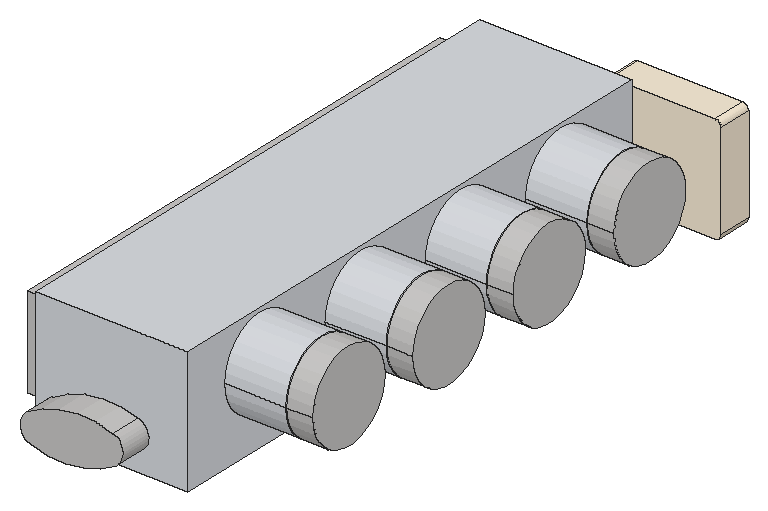
Revit family "HVAC_Ductwork_Airzone_Motorized-Plenum_Mitsubishi-Electric_Low-Profile_4-Dampers", category Mechanical Equipment, Revit 2016
Family settings
  Part Type = Normal
  Round Connector Dimension = Use Diameter
  OmniClass Number = 23.75.70.14
  OmniClass Title = Air Ductwork
  Work Plane-Based = No
  Always vertical = Yes
  Cut with Voids When Loaded = No
  Shared = No
  Room Calculation Point = No
Parameters (values of type "MELSL01M4")
  Voltage = 230 V
  URL = "www.airzone.es"
  Type Image Comments = "Image available in product documentation download"  # constant formula
  Revit Model Version = "1.0"  # constant formula
  Revit Model Author URL = "www.a3d.es"
  Revit Model Author = "A3D Consulting"  # constant formula
  Product Documentation Download URL = "http://doc.airzone.es/BIM/Easyzone/Mitsubishi_Electric-Airzone_motorized_plenum.zip"
  Product Comments = "Refer to technical documentation for further details"  # constant formula
  Power Factor = 1
  Neck Width = 863.600 mm
  Neck Length = 40.000 mm
  Neck Height = 153.600 mm
  Material = Metal - AIRZONE - Galvanized Sheet - Semi-polished
  Main Control Board Material = Plastic - AIRZONE - Smooth - Off-white
  Load Classification = Other
  Insulated Body Width = 255.000 mm  # constant formula
  Insulated Body Material = Metal -AIRZONE - Insulating Lining -Aluminum Finish
  Insulated Body Length = 930.000 mm  # constant formula
  Insulated Body Height = 210.000 mm  # constant formula
  Flow [instance] = Damper 4 Air Flow + Damper 3 Air Flow + Damper 2 Air Flow + Damper 1 Air Flow - Fresh Air Inlet 2 Flow - Fresh Air Inlet 1 Flow  # 1200 m³/h
  Fresh Air Inlet 1 Flow [instance] = 0 m³/h
  Fresh Air Inlet 2 Flow [instance] = 0 m³/h
  Fresh Air Inlet Connection Width = 175.000 mm
  Fresh Air Inlet Connection Height = 75.000 mm
  Model = "MEISL01M4"
  Neck Side Offset = 33.200 mm
  Neck Bottom Offset = 30.200 mm
  Type Image = <None>
  Manufacturer = "AIRZONE"  # constant formula
  Main Control Board Depth = 57.000 mm  # constant formula
  Main Control Board Width = 195.000 mm  # constant formula
  Main Control Board Height = 180.000 mm  # constant formula
  Fixing = ""
  Disclaimer = "All information provided in this model is reviewed before being published. However, Airzone cannot guarantee this model is error-free, therefore users are strongly encouraged to check for technical documentation and updates"  # constant formula
  Description = "Airzone low profile motorized plenum with neck that mechanically adapts to the main ducted AC units of Mitsubishi Electric."
  Type Comments = ""
  Dampers Length = 149.000 mm  # constant formula
  Dampers Diameter = 150.000 mm  # constant formula
  Damper 4 Air Flow [instance] = 300 m³/h
  Damper 1 Air Flow [instance] = 300 m³/h
  Damper 2 Air Flow [instance] = 300 m³/h
  Damper 3 Air Flow [instance] = 300 m³/h
  Fresh Air Inlet Connection Offset Height = 48.305 mm  # constant formula
  Compatible Accesories = ""
  Apparent Load = 57.5 VA
Reference planes
  plane 1 "Center (Front/Back)": y = 0
  plane 2 "Center (Elevation)": z = 0
  plane 3 "Center (Left/Right)": x = 0
  plane 4 "Neck Back": y = 431.8
  plane 5 "Neck Front": y = -431.8
  plane 6 "Neck Top": z = 76.8
  plane 7 "Neck Bottom": z = -76.8
  plane 8 "Left": x = 40
  plane 9 "Bottom": z = -107
  plane 10 "Top": z = 103
  plane 11 "Front": y = -465
  plane 12 "Back": y = 465
  plane 13 "Right": x = 295
  plane 14 "Dampers Front": x = 444
  plane 15 "Dampers Center (Elevation)": z = 23
  plane 16 "Damper3": y = -105
  plane 17 "Damper2": y = 105
  plane 18 "Damper1": y = 315
  plane 19 "Middle": y = 0
  plane 20 "FreshAir Center (Elevation)": z = -58.695
  plane 21 "FreshAir1": y = 517.5
  plane 22 "FreshAir2": y = -517.5
  plane 23 "Dampers Lining": x = 399
  plane 24 "FreshAir Vertical Axis": x = 142.04
  plane 25 "ConnectionBox Side": x = 249
  plane 26 "Main Control Board Center (Left/Right)": x = 346.5
  plane 27 "Damper4": y = -315
Forms (mm)
  Extrusion 1, solid, material "Metal - AIRZONE - Galvanized Sheet - Semi-polished" <- "Material"
    sketch origin (0, 0, 0) x (0, 1, 0) y (0, 0, 1)
      loop
        line (-431.8, 76.8) -> (-431.8, -76.8) -> (431.8, -76.8) -> (431.8, 76.8) -> (-431.8, 76.8)
    from 0 to 40
  Extrusion 2, solid, material "Metal -AIRZONE - Insulating Lining -Aluminum Finish" <- "Insulated Body Material"
    sketch origin (40, 0, 0) x (0, 1, 0) y (0, 0, 1)
      loop
        line (-465, 103) -> (-465, -107) -> (465, -107) -> (465, 103) -> (-465, 103)
    from 0 to 255
  Extrusion 3, solid, material "Metal - AIRZONE - Galvanized Sheet - Semi-polished" <- "Material"
    sketch origin (295, 0, 0) x (0, 1, 0) y (0, 0, 1)
      loop
        circle (-105, 23) r 75
    from 104 to 149
  Extrusion 4, solid, material "Metal - AIRZONE - Galvanized Sheet - Semi-polished" <- "Material"
    sketch origin (295, 0, 0) x (0, 1, 0) y (0, 0, 1)
      loop
        circle (105, 23) r 75
    from 104 to 149
  Extrusion 5, solid, material "Metal - AIRZONE - Galvanized Sheet - Semi-polished" <- "Material"
    sketch origin (295, 0, 0) x (0, 1, 0) y (0, 0, 1)
      loop
        circle (315, 23) r 75
    from 104 to 149
  Extrusion 6, solid, material "Metal - AIRZONE - Galvanized Sheet - Semi-polished" <- "Material"
    sketch origin (0, -465, 0) x (0, 0, 1) y (1, 0, 0)
      loop
        arc (-26.141, 211.414) -> (-47.608, 228.315) -> (-72.312, 216.644) r 25.96
        arc (-72.312, 216.644) -> (-98.302, 146.808) -> (-90.849, 72.666) r 164.67
        arc (-90.849, 72.666) -> (-69.665, 55.799) -> (-44.994, 66.961) r 25.96
        arc (-44.994, 66.961) -> (-18.725, 136.99) -> (-26.141, 211.414) r 164.67
    from 0 to -52.5
  Extrusion 7, solid, material "Metal - AIRZONE - Galvanized Sheet - Semi-polished" <- "Material"
    sketch origin (0, 465, 0) x (0, 0, 1) y (1, 0, 0)
      loop
        arc (-26.141, 211.414) -> (-47.325, 228.281) -> (-71.996, 217.119) r 25.96
        arc (-71.996, 217.119) -> (-98.179, 147.74) -> (-91.267, 73.909) r 164.67
        arc (-91.267, 73.909) -> (-70.032, 55.847) -> (-44.678, 67.436) r 25.96
        arc (-44.678, 67.436) -> (-18.688, 137.272) -> (-26.141, 211.414) r 164.67
    from 0 to 52.5
  Extrusion 8, solid, material "Metal -AIRZONE - Insulating Lining -Aluminum Finish" <- "Insulated Body Material"
    sketch origin (295, 0, 0) x (0, 1, 0) y (0, 0, 1)
      loop
        circle (315, 23) r 75
    from 0 to 104
  Extrusion 9, solid, material "Metal -AIRZONE - Insulating Lining -Aluminum Finish" <- "Insulated Body Material"
    sketch origin (295, -260, 0) x (0, 1, 0) y (0, 0, 1)
      loop
        circle (365, 23) r 75
    from 0 to 104
  Extrusion 10, solid, material "Metal -AIRZONE - Insulating Lining -Aluminum Finish" <- "Insulated Body Material"
    sketch origin (295, -520, 0) x (0, 1, 0) y (0, 0, 1)
      loop
        circle (415, 23) r 75
    from 0 to 104
  Extrusion 11, solid, material "Metal - AIRZONE - Galvanized Sheet - Semi-polished" <- "Material"
    sketch origin (295, -190, 0) x (0, 1, 0) y (0, 0, 1)
      loop
        circle (-125, 23) r 75
    from 104 to 149
  Extrusion 12, solid, material "Metal -AIRZONE - Insulating Lining -Aluminum Finish" <- "Insulated Body Material"
    sketch origin (295, -710, 0) x (0, 1, 0) y (0, 0, 1)
      loop
        circle (395, 23) r 75
    from 0 to 104
Lines and regions (mm)
  Masking region 1
    outline origin (0, 0, 0) x (1, 0, 0) y (0, 1, 0)
      loop
        line (40, 465) -> (40, -465) -> (295, -465) -> (295, 465) -> (40, 465)
  Masking region 2, detail levels medium+fine
    outline origin (0, 0, 0) x (1, 0, 0) y (0, 1, 0)
      loop
        line (0, 431.8) -> (0, -431.8) -> (40, -431.8) -> (40, 431.8) -> (0, 431.8)
  Masking region 3, detail levels medium+fine
    outline origin (0, 0, 0) x (1, 0, 0) y (0, 1, 0)
      loop
        line (295, -30) -> (295, -180) -> (444, -180) -> (444, -30) -> (295, -30)
  Masking region 4, detail levels medium+fine
    outline origin (0, 260, 0) x (1, 0, 0) y (0, 1, 0)
      loop
        line (295, -80) -> (295, -230) -> (444, -230) -> (444, -80) -> (295, -80)
  Masking region 5, detail levels medium+fine
    outline origin (0, 520, 0) x (1, 0, 0) y (0, 1, 0)
      loop
        line (295, -130) -> (295, -280) -> (444, -280) -> (444, -130) -> (295, -130)
  Masking region 6, detail levels medium+fine
    outline origin (0, 0, -58.695) x (1, 0, 0) y (0, 1, 0)
      loop
        line (54.54, 517.5) -> (54.54, 465) -> (229.54, 465) -> (229.54, 517.5) -> (54.54, 517.5)
  Masking region 7, detail levels medium+fine
    outline origin (0, 0, -58.695) x (1, 0, 0) y (0, 1, 0)
      loop
        line (54.54, -465) -> (54.54, -517.5) -> (229.54, -517.5) -> (229.54, -465) -> (54.54, -465)
  Masking region 8, detail levels medium+fine
    outline origin (0, 0, 103) x (0, -1, 0) y (1, 0, 0)
      loop
        line (-522, 249) -> (-465, 249) -> (-465, 444) -> (-522, 444) -> (-522, 249)
  Masking region 9, detail levels medium+fine
    outline origin (0, -190, 0) x (1, 0, 0) y (0, 1, 0)
      loop
        line (295, -50) -> (295, -200) -> (444, -200) -> (444, -50) -> (295, -50)
  symbolic lines, detail levels coarse
    curve 1: line (40, -465, 0) -> (295, 0, 0)
    curve 2: line (295, 0, 0) -> (40, 465, 0)
Dimensions and locks
  equal spacing: plane 4 "Neck Back", plane 1 "Center (Front/Back)", plane 5 "Neck Front"
  "Neck Width": plane 4 "Neck Back" to plane 5 "Neck Front"
  equal spacing: plane 6 "Neck Top", level, plane 7 "Neck Bottom"
  "Neck Height": plane 6 "Neck Top" to plane 7 "Neck Bottom"
  "Neck Length": plane 3 "Center (Left/Right)" to plane 8 "Left"
  "Neck Bottom Offset": plane 7 "Neck Bottom" to plane 9 "Bottom"
  "Insulated Body Height": plane 10 "Top" to plane 9 "Bottom"
  "Insulated Body Length": plane 12 "Back" to plane 11 "Front"
  "Insulated Body Width": plane 8 "Left" to plane 13 "Right"
  "Dampers Length": plane 13 "Right" to plane 14 "Dampers Front"
  equal spacing: plane 12 "Back", plane 19 "Middle", plane 11 "Front"
  plane 8 "Left" to plane 13 "Right" = 255.000 mm
  "Fresh Air Inlet Connection Offset Height": plane 20 "FreshAir Center (Elevation)" to plane 9 "Bottom"
  locked: Extrusion 6 sketch curve to plane 9 "Bottom" at 56.47
  locked: Extrusion 6 sketch curve to plane 8 "Left" at 162.52
  locked: Extrusion 6 sketch curve to plane 8 "Left" at 41.56
  locked: Extrusion 6 sketch curve to plane 9 "Bottom" at 40.54
  locked: Extrusion 6 sketch curve to plane 8 "Left" at 118.3
  locked: plane 9 "Bottom" to Extrusion 6 sketch curve at 75.01
  locked: Extrusion 6 sketch curve to plane 8 "Left" at 85.78
  locked: Extrusion 6 sketch curve to plane 9 "Bottom" at 172.02
  locked: Extrusion 7 sketch curve to plane 8 "Left" at 162.52
  locked: Extrusion 7 sketch curve to plane 9 "Bottom" at 56.47
  locked: Extrusion 7 sketch curve to plane 9 "Bottom" at 40.54
  locked: Extrusion 7 sketch curve to plane 8 "Left" at 41.56
  locked: Extrusion 7 sketch curve to plane 8 "Left" at 85.78
  locked: Extrusion 7 sketch curve to plane 9 "Bottom" at 172.02
  locked: plane 9 "Bottom" to Extrusion 7 sketch curve at 75.01
  locked: Extrusion 7 sketch curve to plane 8 "Left" at 118.3
  "Neck Side Offset": plane 12 "Back" to plane 4 "Neck Back"
  locked: plane 21 "FreshAir1" to plane 12 "Back" at 52.5
  plane 11 "Front" to plane 22 "FreshAir2" = 52.500 mm
  locked: plane 20 "FreshAir Center (Elevation)" to connector elem
  locked: connector elem to plane 20 "FreshAir Center (Elevation)"
  locked: plane 23 "Dampers Lining" to plane 14 "Dampers Front" at 45
  locked: plane 8 "Left" to plane 24 "FreshAir Vertical Axis" at 102.04
  equal spacing: Masking region 3 sketch curve, plane 16 "Damper3", Masking region 3 sketch curve
  "Dampers Diameter": Masking region 3 sketch curve to Masking region 3 sketch curve
  "Dampers Diameter": Masking region 4 sketch curve to Masking region 4 sketch curve
  equal spacing: Masking region 5 sketch curve, plane 18 "Damper1", Masking region 5 sketch curve
  "Dampers Diameter": Masking region 5 sketch curve to Masking region 5 sketch curve
  equal spacing: Masking region 6 sketch curve, plane 24 "FreshAir Vertical Axis", Masking region 6 sketch curve
  "Fresh Air Inlet Connection Width": Masking region 6 sketch curve to Masking region 6 sketch curve
  equal spacing: Masking region 7 sketch curve, plane 24 "FreshAir Vertical Axis", Masking region 7 sketch curve
  "Fresh Air Inlet Connection Width": Masking region 7 sketch curve to Masking region 7 sketch curve
  "Main Control Board Depth": Masking region 8 sketch curve to plane 12 "Back"
  "Main Control Board Width": plane 25 "ConnectionBox Side" to plane 14 "Dampers Front"
  equal spacing: plane 25 "ConnectionBox Side", plane 26 "Main Control Board Center (Left/Right)", plane 14 "Dampers Front"
  locked: nested 1 to plane 10 "Top" at 10
  equal spacing: Masking region 4 sketch curve, plane 17 "Damper2", Masking region 4 sketch curve
  equal spacing: Masking region 9 sketch curve, plane 27 "Damper4", Masking region 9 sketch curve
  "Dampers Diameter": Masking region 9 sketch curve to Masking region 9 sketch curve
  plane 18 "Damper1" to plane 17 "Damper2" to plane 16 "Damper3" to plane 27 "Damper4" = 210.000 mm locked, 210.000 mm locked, 210.000 mm locked
  locked: plane 17 "Damper2" to plane 19 "Middle" at 105
  locked: plane 24 "FreshAir Vertical Axis" to connector elem
  locked: connector elem to plane 24 "FreshAir Vertical Axis"
  locked: plane 10 "Top" to plane 15 "Dampers Center (Elevation)" at 80
  "Dampers Diameter": diameter of Extrusion 3 sketch curve
  "Dampers Diameter": diameter of Extrusion 4 sketch curve
  "Dampers Diameter": diameter of Extrusion 5 sketch curve
  radius of Extrusion 7 sketch curve = 164.670 mm  (x2)
  radius of Extrusion 7 sketch curve = 25.960 mm  (x2)
  radius of Extrusion 6 sketch curve = 164.670 mm  (x2)
  radius of Extrusion 6 sketch curve = 25.960 mm  (x2)
  "Dampers Diameter": diameter of Extrusion 8 sketch curve
  "Dampers Diameter": diameter of Extrusion 9 sketch curve
  "Dampers Diameter": diameter of Extrusion 10 sketch curve
  "Dampers Diameter": diameter of Extrusion 11 sketch curve
  "Dampers Diameter": diameter of Extrusion 12 sketch curve
  aligned and locked: level to plane 2 "Center (Elevation)"
  aligned and locked: plane 5 "Neck Front" to Extrusion 1 sketch curve
  aligned and locked: Extrusion 1 sketch curve to plane 6 "Neck Top"
  aligned and locked: Extrusion 1 sketch curve to plane 4 "Neck Back"
  aligned and locked: plane 7 "Neck Bottom" to Extrusion 1 sketch curve
  aligned and locked: Extrusion 1 to plane 3 "Center (Left/Right)"
  aligned and locked: Extrusion 2 sketch curve to plane 10 "Top"
  aligned and locked: Extrusion 2 sketch curve to plane 12 "Back"
  aligned and locked: plane 9 "Bottom" to Extrusion 2 sketch curve
  aligned and locked: plane 11 "Front" to Extrusion 2 sketch curve
  aligned and locked: plane 13 "Right" to Extrusion 2
  aligned and locked: Extrusion 2 to plane 8 "Left"
  aligned and locked: plane 16 "Damper3" to Extrusion 3 sketch curve
  aligned and locked: plane 15 "Dampers Center (Elevation)" to Extrusion 3 sketch curve
  aligned and locked: plane 15 "Dampers Center (Elevation)" to Extrusion 4 sketch curve
  aligned and locked: plane 18 "Damper1" to Extrusion 5 sketch curve
  aligned and locked: plane 15 "Dampers Center (Elevation)" to Extrusion 5 sketch curve
  aligned and locked: plane 14 "Dampers Front" to Extrusion 5
  aligned and locked: plane 14 "Dampers Front" to Extrusion 4
  aligned and locked: plane 14 "Dampers Front" to Extrusion 3
  aligned and locked: plane 8 "Left" to Extrusion 1
  aligned and locked: plane 22 "FreshAir2" to Extrusion 6
  aligned and locked: plane 21 "FreshAir1" to Extrusion 7
  aligned and locked: Extrusion 7 to plane 12 "Back"
  aligned and locked: plane 11 "Front" to Extrusion 6
  aligned and locked: Extrusion 5 to plane 23 "Dampers Lining"
  aligned and locked: Extrusion 5 to Extrusion 4
  aligned and locked: Extrusion 4 to Extrusion 3
  aligned and locked: plane 23 "Dampers Lining" to Extrusion 8
  aligned and locked: Extrusion 10 to plane 13 "Right"
  aligned and locked: plane 23 "Dampers Lining" to Extrusion 10
  aligned and locked: Extrusion 9 to plane 13 "Right"
  aligned and locked: plane 23 "Dampers Lining" to Extrusion 9
  aligned and locked: Extrusion 8 to plane 13 "Right"
  aligned and locked: Extrusion 9 to Extrusion 8
  aligned and locked: plane 18 "Damper1" to Extrusion 8 sketch curve
  aligned and locked: plane 15 "Dampers Center (Elevation)" to Extrusion 8 sketch curve
  aligned and locked: plane 15 "Dampers Center (Elevation)" to Extrusion 9 sketch curve
  aligned and locked: plane 16 "Damper3" to Extrusion 10 sketch curve
  aligned and locked: plane 15 "Dampers Center (Elevation)" to Extrusion 10 sketch curve
  aligned and locked: Masking region 1 sketch curve to plane 12 "Back"
  aligned and locked: plane 8 "Left" to Masking region 1 sketch curve
  aligned and locked: Masking region 1 sketch curve to plane 13 "Right"
  aligned and locked: plane 11 "Front" to Masking region 1 sketch curve
  aligned and locked: plane 5 "Neck Front" to Masking region 2 sketch curve
  aligned and locked: plane 3 "Center (Left/Right)" to Masking region 2 sketch curve
  aligned and locked: Masking region 2 sketch curve to plane 4 "Neck Back"
  aligned and locked: Masking region 2 sketch curve to plane 8 "Left"
  aligned and locked: plane 13 "Right" to Masking region 3 sketch curve
  aligned and locked: Masking region 3 sketch curve to plane 14 "Dampers Front"
  aligned and locked: plane 13 "Right" to Masking region 4 sketch curve
  aligned and locked: Masking region 4 sketch curve to plane 14 "Dampers Front"
  aligned and locked: plane 13 "Right" to Masking region 5 sketch curve
  aligned and locked: Masking region 5 sketch curve to plane 14 "Dampers Front"
  aligned and locked: plane 12 "Back" to Masking region 6 sketch curve
  aligned and locked: Masking region 6 sketch curve to plane 21 "FreshAir1"
  aligned and locked: Masking region 7 sketch curve to plane 11 "Front"
  aligned and locked: Masking region 7 sketch curve to plane 22 "FreshAir2"
  aligned and locked: plane 12 "Back" to Masking region 8 sketch curve
  aligned and locked: Masking region 8 sketch curve to plane 14 "Dampers Front"
  aligned and locked: plane 25 "ConnectionBox Side" to Masking region 8 sketch curve
  aligned and locked: plane 17 "Damper2" to Extrusion 9 sketch curve
  aligned and locked: plane 17 "Damper2" to Extrusion 4 sketch curve
  aligned and locked: Masking region 9 sketch curve to plane 14 "Dampers Front"
  aligned and locked: plane 13 "Right" to Masking region 9 sketch curve
  aligned and locked: Extrusion 12 to plane 13 "Right"
  aligned and locked: plane 23 "Dampers Lining" to Extrusion 12
  aligned and locked: Extrusion 11 to plane 23 "Dampers Lining"
  aligned and locked: plane 14 "Dampers Front" to Extrusion 11
  aligned and locked: plane 15 "Dampers Center (Elevation)" to Extrusion 12 sketch curve
  aligned and locked: plane 27 "Damper4" to Extrusion 12 sketch curve
  aligned and locked: plane 15 "Dampers Center (Elevation)" to Extrusion 11 sketch curve
  aligned and locked: plane 27 "Damper4" to Extrusion 11 sketch curve
  aligned and locked: nested 1 to plane 26 "Main Control Board Center (Left/Right)"
Automatic sketch dimensions
  curve 2 to plane 8 "Left" = 0.000 mm
  curve 1 to plane 8 "Left" = 0.000 mm
  curve 2 to plane 13 "Right" = 0.000 mm
  curve 1 to plane 11 "Front" = 0.000 mm
  curve 2 to plane 19 "Middle" = 0.000 mm
  curve 2 to plane 12 "Back" = 0.000 mm
Nested families
  nested 1: "Airzone_Main-Control-Board" at (346.5, 465, 3) x (-1, 0, 0) z (0, 1, 0), Extrusion <- "Main Control Board Depth", Height <- "Main Control Board Height", Width <- "Main Control Board Width", Material <- "Main Control Board Material", type "Standard"
    with Width 195.000 mm, Material Plastic - AIRZONE - Smooth - Off-white, Height 180.000 mm, Extrusion 57.000 mm
Connectors
  hvac at (444, -105, 23), driven by "Damper 3 Air Flow", driven by "Dampers Diameter"
    settings: on Extrusion 3, index 1, duct flow 300 m³/h, flow factor 0, pres drop 0.0 Pa, loss coef 0, conn angle 0.00°, conn width 304.8 mm, conn height 304.8 mm, conn diameter 150 mm, duct sys type 1, conn prof type 0, flow config 0, flow direction 2, loss method 0, conn ref index -1, conn util no, is conn primary no, conn desc "Supply Air Out 3"
  hvac at (444, 105, 23), driven by "Damper 2 Air Flow", driven by "Dampers Diameter"
    settings: on Extrusion 4, index 2, duct flow 300 m³/h, flow factor 0, pres drop 0.0 Pa, loss coef 0, conn angle 0.00°, conn width 304.8 mm, conn height 304.8 mm, conn diameter 150 mm, duct sys type 1, conn prof type 0, flow config 0, flow direction 2, loss method 0, conn ref index -1, conn util no, is conn primary no, conn desc "Supply Air Out 2"
  hvac at (444, 315, 23), driven by "Damper 1 Air Flow", driven by "Dampers Diameter"
    settings: on Extrusion 5, index 3, duct flow 300 m³/h, flow factor 0, pres drop 0.0 Pa, loss coef 0, conn angle 0.00°, conn width 304.8 mm, conn height 304.8 mm, conn diameter 150 mm, duct sys type 1, conn prof type 0, flow config 0, flow direction 2, loss method 0, conn ref index -1, conn util no, is conn primary no, conn desc "Supply Air Out 1"
  hvac at (0, 0, 0), driven by "Flow", driven by "Neck Height", driven by "Neck Width"
    settings: on Extrusion 1, index 6, duct flow 1200 m³/h, flow factor 0, pres drop 0.0 Pa, loss coef 0, conn angle 0.00°, conn width 863.6 mm, conn height 153.6 mm, conn diameter 609.6 mm, duct sys type 1, conn prof type 1, flow config 1, flow direction 1, loss method 0, conn ref index -1, conn util no, is conn primary yes, conn desc "Supply Air In"
  hvac at (142.04, -517.5, -58.695), driven by "Fresh Air Inlet 2 Flow", driven by "Fresh Air Inlet Connection Width", driven by "Fresh Air Inlet Connection Height"
    settings: index 7, duct flow 0 m³/h, flow factor 0, pres drop 0.0 Pa, loss coef 0, conn angle 0.00°, conn width 175 mm, conn height 75 mm, conn diameter 609.6 mm, duct sys type 1, conn prof type 2, flow config 1, flow direction 1, loss method 0, conn ref index -1, conn util no, is conn primary no, conn desc "Fresh Air In 2"
  hvac at (142.04, 517.5, -58.695), driven by "Fresh Air Inlet 1 Flow", driven by "Fresh Air Inlet Connection Height", driven by "Fresh Air Inlet Connection Width"
    settings: index 8, duct flow 0 m³/h, flow factor 0, pres drop 0.0 Pa, loss coef 0, conn angle 0.00°, conn width 175 mm, conn height 75 mm, conn diameter 609.6 mm, duct sys type 1, conn prof type 2, flow config 1, flow direction 1, loss method 0, conn ref index -1, conn util no, is conn primary no, conn desc "Fresh Air In 1"
  hvac at (444, -315, 23), driven by "Damper 4 Air Flow", driven by "Dampers Diameter"
    settings: on Extrusion 11, index 9, duct flow 300 m³/h, flow factor 0, pres drop 0.0 Pa, loss coef 0, conn angle 0.00°, conn width 304.8 mm, conn height 304.8 mm, conn diameter 150 mm, duct sys type 1, conn prof type 0, flow config 0, flow direction 2, loss method 0, conn ref index -1, conn util no, is conn primary no, conn desc "Supply Air Out 4"
  electrical at (346.5, 522, 3), driven by "Load Classification", driven by "Voltage", driven by "Apparent Load", driven by "Power Factor"
    settings: on nested 1, index 10, voltage 230 V, apparent load 57.5 VA, apparent load phase1 0 VA, apparent load phase2 0 VA, apparent load phase3 0 VA, power factor 1, load classification "Other", number of poles 1, system type 30, power factor state 1, is connector primary yes, connector utility no, sub classification motor no, connector description "Power Supply"
Definition of nested family "Airzone_Main-Control-Board"
  Parameters (values of type "Standard")
    Width [instance] = 195.000 mm
    URL = "www.airzone.es"
    Revit Model Version = "1.0"  # constant formula
    Revit Model Author URL = "www.a3d.es"
    Revit Model Author = "A3D Consulting"  # constant formula
    Material [instance] = none
    Manufacturer = "AIRZONE"  # constant formula
    Height [instance] = 180.000 mm
    Extrusion [instance] = 57.000 mm
    Default Elevation = 0.000 mm
  Reference planes
    plane 1 "Center (Front/Back)": y = 0
    plane 2: z = 0
    plane 3 "Center (Left/Right)": x = 0
    plane 4: y = 90
    plane 5: y = -90
    plane 6: x = 97.5
    plane 7: x = -97.5
  Forms (mm)
    Extrusion 1, solid, material <- "Material"
      sketch origin (0, 0, 0) x (1, 0, 0) y (0, 1, 0)
        loop
          arc (-87.5, 90) -> (-94.571, 87.071) -> (-97.5, 80) r 10
          line (-97.5, 80) -> (-97.5, -80)
          arc (-97.5, -80) -> (-94.571, -87.071) -> (-87.5, -90) r 10
          line (-87.5, -90) -> (87.5, -90)
          arc (87.5, -90) -> (94.571, -87.071) -> (97.5, -80) r 10
          line (97.5, -80) -> (97.5, 80)
          arc (97.5, 80) -> (94.571, 87.071) -> (87.5, 90) r 10
          line (87.5, 90) -> (-87.5, 90)
      from 0 to 57 <- "Extrusion"
  Dimensions and locks
    equal spacing: plane 7, plane 3 "Center (Left/Right)", plane 6
    equal spacing: plane 4, plane 1 "Center (Front/Back)", plane 5
    "Width": plane 7 to plane 6
    "Height": plane 4 to plane 5
    radius of Extrusion 1 sketch curve = 10.000 mm  (x4)
    aligned and locked: level to plane 2
    aligned and locked: plane 5 to Extrusion 1 sketch curve
    aligned and locked: Extrusion 1 sketch curve to plane 6
    aligned and locked: Extrusion 1 sketch curve to plane 4
    aligned and locked: plane 7 to Extrusion 1 sketch curve
